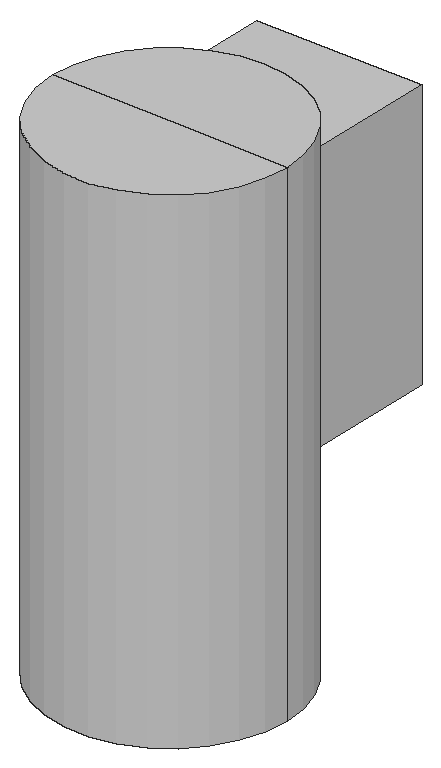
Revit family "WALL SINGLE TUBE 01_AM10W.1.38", category Luminarias, Revit 2019
Family settings
  Cota de conector redondo = Diámetro de uso
  Tipo de pieza = Normal
  Se basa en plano de trabajo = Sí
  Siempre vertical = No
  Corte con vacíos al cargar = No
  Origen de luz = Sí
  Compartido = No
  Punto de cálculo de habitación = No
Parameters (values of type "WALL SINGLE TUBE 01_AM10W.1.38")
  Ángulo de inclinación = 60.00°
  Zone [instance] = ""
  Watt per fixture = 13.1
  Wattage = 13.1 W
  built-in parameter 1150107 = 3000 (stored number, unit not read)
  built-in parameter 1150110 = 1 (stored number, unit not read)
  built-in parameter 1150109 = 1 (stored number, unit not read)
  built-in parameter 1150112 = 1 (stored number, unit not read)
  built-in parameter 1150113 = 1 (stored number, unit not read)
  built-in parameter 1114218 = 1 (stored number, unit not read)
  Keynote = ""
  built-in parameter 1150137 = (empty or 0)
  built-in parameter 1150132 = (empty or 0)
  Modelo = "AM10W.1.38"
  Lámpara = "NICHIA"
  built-in parameter 1150105 = 93.103 (stored number, unit not read)
  built-in parameter 1150102 = (empty or 0)
  built-in parameter 1150106 = 0.93103 (stored number, unit not read)
  Lumens = 1169.96 lm
  Color Filter = 16777215
  built-in parameter 1114217 = 1 (stored number, unit not read)
  built-in parameter 1150139 = (empty or 0)
  Fabricante = "BRILLANT"
  Default Elevation = 0 mm
  built-in parameter 1150104 = 8.2972 (stored number, unit not read)
  Descripción = "LUMINARIA DIRIGIBLE EN FORMA TUBULAR TIPO ARBOTANTE, DE MATERIAL EN ALEACION DE ALUMINIO EXTRUIDO CON UN PESO DE 1.2KG, CON 1 LED TIPO NICHIA CON UNA POTENCIA TOTAL DE 13.1W, 1170 LUMENES, TEMPERATURA EN BLANCO CALIDO 3000K, IRC 80, IP 65, IK10, APERTURA DE 38 GRADOS POR PROYECTO, CORRIENTE DE OPERACIÓN 112mA, CABLE DE 0.3M, ALIMENTADO A 100-277VAC"
  built-in parameter 1150115 = 1 (stored number, unit not read)
  built-in parameter 1150114 = 1 (stored number, unit not read)
  Comentarios de vataje = "100-277V"
  built-in parameter 1150138 = (empty or 0)
  built-in parameter 1150134 = (empty or 0)
  Circuit [instance] = ""
  Dimming Lamp Color Temperature Shift = (empty or 0)
  Archivo de red fotométrica = "AM10W.1_38º.IES"
  built-in parameter 1150133 = 10 (stored number, unit not read)
Reference planes
  plane 1 "Centro (Frontal/Posterior)": y = 0
  plane 2: z = 0
  plane 3 "Centro (Izquierda/Derecha)": x = 0
Forms (mm)
  Revolve 1, solid, material "Cristal", not visible
    sketch origin (-152, 0, 0) x (0, 1, 0) y (0, 0, -1)
      loop
        line (0, -8.749) -> (0, -7.25) -> (-1.499, -7.25)
        arc (-1.499, -7.25) -> (-1.06, -8.31) -> (0, -8.749) r 1.499
      axis (0, -7.25) -> (-1.499, -7.25)
    angle from 0 to 360
  Revolve 2, solid, material "Cristal", not visible
    sketch origin (-136, 0, 0) x (0, 1, 0) y (0, 0, -1)
      loop
        line (0, -8.749) -> (0, -7.25) -> (-1.499, -7.25)
        arc (-1.499, -7.25) -> (-1.06, -8.31) -> (0, -8.749) r 1.499
      axis (0, -7.25) -> (-1.499, -7.25)
    angle from 0 to 360
  Revolve 3, solid, material "Cristal", not visible
    sketch origin (-120, 0, 0) x (0, 1, 0) y (0, 0, -1)
      loop
        line (0, -8.749) -> (0, -7.25) -> (-1.499, -7.25)
        arc (-1.499, -7.25) -> (-1.06, -8.31) -> (0, -8.749) r 1.499
      axis (0, -7.25) -> (-1.499, -7.25)
    angle from 0 to 360
  Revolve 4, solid, material "Cristal", not visible
    sketch origin (-104, 0, 0) x (0, 1, 0) y (0, 0, -1)
      loop
        line (0, -8.749) -> (0, -7.25) -> (-1.499, -7.25)
        arc (-1.499, -7.25) -> (-1.06, -8.31) -> (0, -8.749) r 1.499
      axis (0, -7.25) -> (-1.499, -7.25)
    angle from 0 to 360
  Revolve 5, solid, material "Cristal", not visible
    sketch origin (-88, 0, 0) x (0, 1, 0) y (0, 0, -1)
      loop
        line (0, -8.749) -> (0, -7.25) -> (-1.499, -7.25)
        arc (-1.499, -7.25) -> (-1.06, -8.31) -> (0, -8.749) r 1.499
      axis (0, -7.25) -> (-1.499, -7.25)
    angle from 0 to 360
  Revolve 6, solid, material "Cristal", not visible
    sketch origin (-72, 0, 0) x (0, 1, 0) y (0, 0, -1)
      loop
        line (0, -8.749) -> (0, -7.25) -> (-1.499, -7.25)
        arc (-1.499, -7.25) -> (-1.06, -8.31) -> (0, -8.749) r 1.499
      axis (0, -7.25) -> (-1.499, -7.25)
    angle from 0 to 360
  Revolve 7, solid, material "Cristal", not visible
    sketch origin (-56, 0, 0) x (0, 1, 0) y (0, 0, -1)
      loop
        line (0, -8.749) -> (0, -7.25) -> (-1.499, -7.25)
        arc (-1.499, -7.25) -> (-1.06, -8.31) -> (0, -8.749) r 1.499
      axis (0, -7.25) -> (-1.499, -7.25)
    angle from 0 to 360
  Revolve 8, solid, material "Cristal", not visible
    sketch origin (-40, 0, 0) x (0, 1, 0) y (0, 0, -1)
      loop
        line (0, -8.749) -> (0, -7.25) -> (-1.499, -7.25)
        arc (-1.499, -7.25) -> (-1.06, -8.31) -> (0, -8.749) r 1.499
      axis (0, -7.25) -> (-1.499, -7.25)
    angle from 0 to 360
  Revolve 9, solid, material "Cristal", not visible
    sketch origin (-24, 0, 0) x (0, 1, 0) y (0, 0, -1)
      loop
        line (0, -8.749) -> (0, -7.25) -> (-1.499, -7.25)
        arc (-1.499, -7.25) -> (-1.06, -8.31) -> (0, -8.749) r 1.499
      axis (0, -7.25) -> (-1.499, -7.25)
    angle from 0 to 360
  Revolve 10, solid, material "Cristal", not visible
    sketch origin (-8, 0, 0) x (0, 1, 0) y (0, 0, -1)
      loop
        line (0, -8.749) -> (0, -7.25) -> (-1.499, -7.25)
        arc (-1.499, -7.25) -> (-1.06, -8.31) -> (0, -8.749) r 1.499
      axis (0, -7.25) -> (-1.499, -7.25)
    angle from 0 to 360
  Revolve 11, solid, material "Cristal", not visible
    sketch origin (8, 0, 0) x (0, 1, 0) y (0, 0, -1)
      loop
        line (0, -8.749) -> (0, -7.25) -> (-1.499, -7.25)
        arc (-1.499, -7.25) -> (-1.06, -8.31) -> (0, -8.749) r 1.499
      axis (0, -7.25) -> (-1.499, -7.25)
    angle from 0 to 360
  Revolve 12, solid, material "Cristal", not visible
    sketch origin (24, 0, 0) x (0, 1, 0) y (0, 0, -1)
      loop
        line (0, -8.749) -> (0, -7.25) -> (-1.499, -7.25)
        arc (-1.499, -7.25) -> (-1.06, -8.31) -> (0, -8.749) r 1.499
      axis (0, -7.25) -> (-1.499, -7.25)
    angle from 0 to 360
  Revolve 13, solid, material "Cristal", not visible
    sketch origin (40, 0, 0) x (0, 1, 0) y (0, 0, -1)
      loop
        line (0, -8.749) -> (0, -7.25) -> (-1.499, -7.25)
        arc (-1.499, -7.25) -> (-1.06, -8.31) -> (0, -8.749) r 1.499
      axis (0, -7.25) -> (-1.499, -7.25)
    angle from 0 to 360
  Revolve 14, solid, material "Cristal", not visible
    sketch origin (56, 0, 0) x (0, 1, 0) y (0, 0, -1)
      loop
        line (0, -8.749) -> (0, -7.25) -> (-1.499, -7.25)
        arc (-1.499, -7.25) -> (-1.06, -8.31) -> (0, -8.749) r 1.499
      axis (0, -7.25) -> (-1.499, -7.25)
    angle from 0 to 360
  Revolve 15, solid, material "Cristal", not visible
    sketch origin (72, 0, 0) x (0, 1, 0) y (0, 0, -1)
      loop
        line (0, -8.749) -> (0, -7.25) -> (-1.499, -7.25)
        arc (-1.499, -7.25) -> (-1.06, -8.31) -> (0, -8.749) r 1.499
      axis (0, -7.25) -> (-1.499, -7.25)
    angle from 0 to 360
  Revolve 16, solid, material "Cristal", not visible
    sketch origin (88, 0, 0) x (0, 1, 0) y (0, 0, -1)
      loop
        line (0, -8.749) -> (0, -7.25) -> (-1.499, -7.25)
        arc (-1.499, -7.25) -> (-1.06, -8.31) -> (0, -8.749) r 1.499
      axis (0, -7.25) -> (-1.499, -7.25)
    angle from 0 to 360
  Revolve 17, solid, material "Cristal", not visible
    sketch origin (104, 0, 0) x (0, 1, 0) y (0, 0, -1)
      loop
        line (0, -8.749) -> (0, -7.25) -> (-1.499, -7.25)
        arc (-1.499, -7.25) -> (-1.06, -8.31) -> (0, -8.749) r 1.499
      axis (0, -7.25) -> (-1.499, -7.25)
    angle from 0 to 360
  Revolve 18, solid, material "Cristal", not visible
    sketch origin (120, 0, 0) x (0, 1, 0) y (0, 0, -1)
      loop
        line (0, -8.749) -> (0, -7.25) -> (-1.499, -7.25)
        arc (-1.499, -7.25) -> (-1.06, -8.31) -> (0, -8.749) r 1.499
      axis (0, -7.25) -> (-1.499, -7.25)
    angle from 0 to 360
  Revolve 19, solid, material "Cristal", not visible
    sketch origin (136, 0, 0) x (0, 1, 0) y (0, 0, -1)
      loop
        line (0, -8.749) -> (0, -7.25) -> (-1.499, -7.25)
        arc (-1.499, -7.25) -> (-1.06, -8.31) -> (0, -8.749) r 1.499
      axis (0, -7.25) -> (-1.499, -7.25)
    angle from 0 to 360
  Revolve 20, solid, material "Cristal", not visible
    sketch origin (152, 0, 0) x (0, 1, 0) y (0, 0, -1)
      loop
        line (0, -8.749) -> (0, -7.25) -> (-1.499, -7.25)
        arc (-1.499, -7.25) -> (-1.06, -8.31) -> (0, -8.749) r 1.499
      axis (0, -7.25) -> (-1.499, -7.25)
    angle from 0 to 360
  Revolve 21, solid, material "Acero Inoxidable"
    sketch origin (0, -72, 120.325) x (-1, 0, 0) y (0, 0, 1)
      loop
        line (0, 48.675) -> (-40, 48.675) -> (-40, -120.325) -> (-39.2, -120.325) -> (-39.2, -119.441) -> (-38.399, -119.441) -> (-38.399, -120.325) -> (-33.59, -120.325) -> (-33.59, -119.453)
        arc (-33.59, -119.453) -> (-23.278, -112.244) -> (-11.124, -108.997) r 36.226
        line (-11.124, -108.997) -> (0, -108.997) -> (0, 48.675)
      axis (0, 48.675) -> (0, -120.325)
    angle from 0 to 360
  Extrusion 22, solid, material "Cristal"
    sketch origin (0, 19.494, 0) x (1, 0, 0) y (0, 1, 0)
      loop
        circle (0, -91.494) r 33.59
    from 0 to 0.872
  Extrusion 23, solid, material "Acero Inoxidable"
    sketch origin (0, 0, 0) x (1, 0, 0) y (0, 1, 0)
      loop
        line (-28, 0) -> (-28, -43.434)
        arc (-28, -43.434) -> (0, -32) -> (28, -43.434) r 40
        line (28, -43.434) -> (28, 0) -> (-28, 0)
    from 66.772 to 158.395
  Extrusion 24, void
    sketch origin (0, 0, 0) x (1, 0, 0) y (0, 1, 0)
      loop
        circle (0, -35.958) r 1.283
      loop
        circle (0, -108.042) r 1.283
      loop
        circle (36.019, -72) r 1.283
      loop
        circle (-36.019, -72) r 1.283
    from 0 to 1.671
  Extrusion 25, solid, material "Acero Inoxidable"
    sketch origin (0, 0, 0) x (1, 0, 0) y (0, 1, 0)
      loop
        circle (0, -35.958) r 1.084
      loop
        line (-0.79, -35.958) -> (-0.395, -36.642) -> (0.395, -36.642) -> (0.79, -35.958) -> (0.395, -35.274) -> (-0.395, -35.274) -> (-0.79, -35.958)
      loop
        circle (36.019, -72) r 1.084
      loop
        line (35.229, -72) -> (35.624, -72.684) -> (36.414, -72.684) -> (36.809, -72) -> (36.414, -71.316) -> (35.624, -71.316) -> (35.229, -72)
      loop
        circle (-0.023, -108.042) r 1.084
      loop
        line (-0.813, -108.042) -> (-0.418, -108.726) -> (0.372, -108.726) -> (0.767, -108.042) -> (0.372, -107.358) -> (-0.418, -107.358) -> (-0.813, -108.042)
      loop
        circle (-36.019, -72) r 1.084
      loop
        line (-36.809, -72) -> (-36.414, -72.684) -> (-35.624, -72.684) -> (-35.229, -72) -> (-35.624, -71.316) -> (-36.414, -71.316) -> (-36.809, -72)
    from 0 to 1.671
  Extrusion 26, void
    sketch origin (0, 0, 0) x (1, 0, 0) y (0, 1, 0)
      loop
        circle (-14.364, -17.208) r 3.469
      loop
        circle (14.364, -17.208) r 3.469
    from 66.772 to 70.128
  Extrusion 27, solid, material "Aluminio"
    sketch origin (0, 0, 0) x (1, 0, 0) y (0, 1, 0)
      loop
        circle (-14.364, -17.208) r 3.271
      loop
        line (-16.787, -16.804) -> (-16.787, -17.613) -> (-14.764, -17.613) -> (-14.764, -19.632) -> (-13.964, -19.632) -> (-13.964, -17.613) -> (-11.941, -17.613) -> (-11.941, -16.804) -> (-13.964, -16.804) -> (-13.964, -14.785) -> (-14.764, -14.785) -> (-14.764, -16.804) -> (-16.787, -16.804)
      loop
        circle (14.364, -17.208) r 3.271
      loop
        line (11.941, -16.804) -> (11.941, -17.613) -> (13.964, -17.613) -> (13.964, -19.632) -> (14.764, -19.632) -> (14.764, -17.613) -> (16.787, -17.613) -> (16.787, -16.804) -> (14.764, -16.804) -> (14.764, -14.785) -> (13.964, -14.785) -> (13.964, -16.804) -> (11.941, -16.804)
    from 66.772 to 70.128
Cuts and joins
  Extrusion 24 cuts Revolve 21
  Extrusion 26 cuts Extrusion 23
Lines and regions (mm)
  model lines
    curve 1: line (0, 0, 0) -> (0, -112, 0)
Dimensions and locks
  equal spacing: Extrusion 23 sketch curve, plane 3 "Centro (Izquierda/Derecha)", Extrusion 23 sketch curve
  Extrusion 23 sketch curve to plane 3 "Centro (Izquierda/Derecha)" = 28 mm
  Extrusion 23 sketch curve to Extrusion 23 sketch curve = 56 mm
  Extrusion 23 to Extrusion 23 = 56 mm
  Extrusion 23 to Extrusion 23 = 91.623 mm
  aligned and locked: level to plane 2
  aligned and locked: Extrusion 22 to level
Connectors
  electrical at (0, 0, 112.583)
    settings: on cut or joined group of Extrusion 23, Extrusion 26, index 1, voltage 277 V, apparent load 0 VA, apparent load phase1 0 VA, apparent load phase2 0 VA, apparent load phase3 0 VA, power factor 1, load classification "Otro", number of poles 1, system type 31, power factor state 1, is connector primary yes, connector utility no, sub classification motor no, connector description ""
